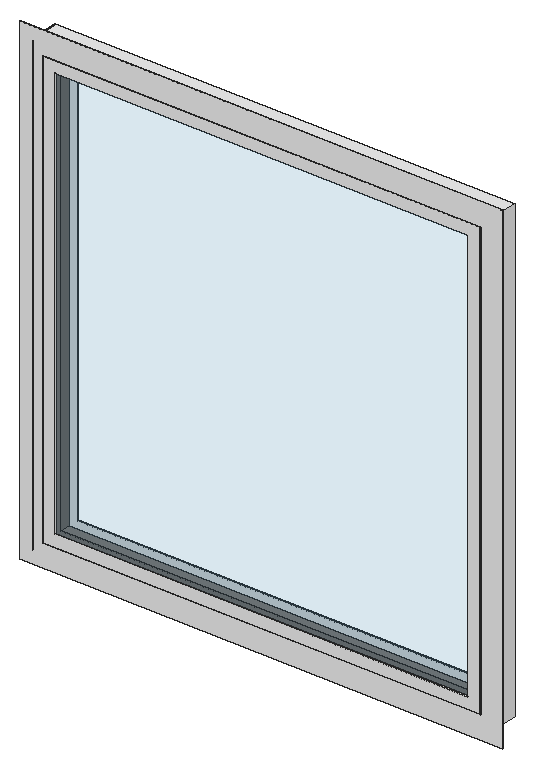
Revit family "Casement_38_D_Side_Hung_Custom", category Windows, host Wall, Revit 2014
Parameters (values of type "Casement_Sash_DG")
  Width Sash [instance] = 30 mm
  Width Sash Inner = 15 mm
  Width Bead = 15 mm
  Top Hung [instance] = yes
  Side Hung Right [instance] = yes
  Side Hung Left [instance] = yes
  Sash Opening Width [instance] = 600 mm
  Sash Opening Height [instance] = 600.312 mm
  Sash Lip = 15 mm
  Glazing Material [instance] = Glass
  DG Start Piece 2 [instance] = DG End Piece 1 + DG Gasket Thickness  # 25 mm
  DG Start Peice 1 [instance] = (Depth Sash - (2 * DG Glazing Thickness) - DG Gasket Thickness) / 2  # 6.6 mm
  Glazing Offset = 5 mm
  DG Glazing Thickness [instance] = 6.4 mm
  DG Gasket Thickness = 12 mm  # constant formula
  DG Gasket Material [instance] = Double Glazing Gasket Material
  DG End Piece 2 [instance] = DG Start Piece 2 + DG Glazing Thickness  # 31.4 mm
  DG End Piece 1 [instance] = DG Start Peice 1 + DG Glazing Thickness  # 13 mm
  Depth Sash [instance] = 38 mm
  Center Vertical Sash [instance] = Sash Opening Height / 2  # 300.156 mm
  Center Horizontal Sash [instance] = Sash Opening Width / 2  # 300 mm
  Bottom Hung [instance] = yes
  Bead Offset = 15 mm
  Aluminium Thickness = 1 mm
  Aluminium Material [instance] = White Powder Coated Aluminium
Reference planes
  plane 1 "Center (Front/Back)": y = 0
  plane 2: z = 0
  plane 3 "Center (Left/Right)": x = 0
Forms (mm)
  Sweep 1, solid, material "White Powder Coated Aluminium" <- "Aluminium Material"
    path origin (16.177, 0, 121.331) x (1, 0, 0) y (0, 0, 1)
      loop
        line (0, 0) -> (600, 0) -> (600, 600.312) -> (0, 600.312) -> (0, 0)
    profile origin (316.177, 0, 121.331) x (0, 0, 1) y (0, -1, 0)
      loop
        line (0, 0) -> (30, 0) -> (30, 1) -> (15, 1) -> (15, 38) -> (-15, 38) -> (-15, 37) -> (0, 37) -> (0, 0)
      loop
        line (14, 1) -> (14, 37) -> (1, 37) -> (1, 1) -> (14, 1)
  Sweep 2, solid, material "White Powder Coated Aluminium" <- "Aluminium Material"
    path origin (0, 0, 0) x (1, 0, 0) y (0, 0, 1)
      loop
        line (31.177, 706.643) -> (31.177, 136.331) -> (601.177, 136.331) -> (601.177, 706.643) -> (31.177, 706.643)
    profile origin (316.177, 0, 706.643) x (0, 0, 1) y (0, -1, 0)
      loop
        line (0, 37) -> (0, 38) -> (-15, 38) -> (-15, 37) -> (0, 37)
  Extrusion 3, solid, material "Glass" <- "Glazing Material"
    sketch origin (0, 0, 0) x (1, 0, 0) y (0, 0, 1)
      loop
        line (36.177, 701.643) -> (36.177, 141.331) -> (596.177, 141.331) -> (596.177, 701.643) -> (36.177, 701.643)
    from 6.6 <- "DG Start Peice 1" to 13 <- "DG End Piece 1"
  Extrusion 4, solid, material "Glass" <- "Glazing Material"
    sketch origin (0, 0, 0) x (1, 0, 0) y (0, 0, 1)
      loop
        line (36.177, 701.643) -> (36.177, 141.331) -> (596.177, 141.331) -> (596.177, 701.643) -> (36.177, 701.643)
    from 31.4 <- "DG End Piece 2" to 25 <- "DG Start Piece 2"
  Sweep 5, solid, material "Double Glazing Gasket Material" <- "DG Gasket Material"
    path origin (0, -13, 0) x (1, 0, 0) y (0, 0, 1)
      loop
        line (36.177, 701.643) -> (36.177, 141.331) -> (596.177, 141.331) -> (596.177, 701.643) -> (36.177, 701.643)
    profile origin (316.177, -13, 701.643) x (0, 0, 1) y (0, -1, 0)
      loop
        line (0, 0) -> (0, 12) -> (-7.96, 12) -> (-7.96, 0) -> (0, 0)
Lines and regions (mm)
  model lines
    curve 1: line (1.177, -38, 736.643) -> (31.177, -38, 706.643)
    curve 2: line (601.177, -38, 706.643) -> (631.177, -38, 736.643)
    curve 3: line (601.177, -38, 136.331) -> (631.177, -38, 106.331)
    curve 4: line (1.177, -38, 106.331) -> (31.177, -38, 136.331)
    curve 5: line (631.177, -37, 736.643) -> (616.177, -37, 721.643)
    curve 6: line (1.177, -37, 736.643) -> (16.177, -37, 721.643)
    curve 7: line (1.177, -37, 106.331) -> (16.177, -37, 121.331)
    curve 8: line (631.177, -37, 106.331) -> (616.177, -37, 121.331)
    curve 9: line (616.177, 0, 121.331) -> (586.177, 0, 151.331)
    curve 10: line (46.177, 0, 151.331) -> (16.177, 0, 121.331)
    curve 11: line (616.177, 0, 721.643) -> (586.177, 0, 691.643)
    curve 12: line (46.177, 0, 691.643) -> (16.177, 0, 721.643)
    curve 13: line (31.177, -38, 691.643) -> (46.177, -38, 691.643)
    curve 14: line (586.177, -38, 691.643) -> (601.177, -38, 691.643)
    curve 15: line (586.177, -38, 151.331) -> (601.177, -38, 151.331)
    curve 16: line (31.177, -38, 151.331) -> (46.177, -38, 151.331)
  model lines, style "GenericModelHiddenLines", visible <- "Top Hung"
    curve 17: line (46.386, -31.4, 690.914) -> (316.177, -31.4, 151.331)
    curve 18: line (316.177, -31.4, 151.331) -> (586.177, -31.4, 691.331)
  model lines, style "GenericModelHiddenLines", visible <- "Bottom Hung"
    curve 19: line (46.177, -31.4, 151.331) -> (316.177, -31.4, 691.331)
    curve 20: line (316.177, -31.4, 691.331) -> (586.177, -31.4, 151.331)
  model lines, style "GenericModelHiddenLines", visible <- "Side Hung Left"
    curve 21: line (46.386, -31.4, 690.914) -> (585.24, -31.4, 421.487)
    curve 22: line (585.24, -31.4, 421.487) -> (46.177, -31.4, 151.331)
  model lines, style "GenericModelHiddenLines", visible <- "Side Hung Right"
    curve 23: line (586.177, -31.4, 691.331) -> (46.177, -31.4, 421.487)
    curve 24: line (46.177, -31.4, 421.487) -> (586.177, -31.4, 151.331)
Dimensions and locks
  "Aluminium Thickness": Sweep 1 sketch curve to Sweep 1 sketch curve  (x4)
  "Depth Sash": Sweep 1 sketch curve to Sweep 1 sketch curve
  "Sash Opening Width": Sweep 1 to Sweep 1
  "Sash Opening Height": Sweep 1 to Sweep 1
  "Width Sash": Sweep 1 sketch curve to Sweep 1 sketch curve  (x2)
  "Width Sash Inner": Sweep 1 sketch curve to Sweep 1 sketch curve
  "Sash Lip": Sweep 1 sketch curve to Sweep 1 sketch curve
  "Aluminium Thickness": Sweep 1 to Sweep 2 sketch curve
  "Glazing Offset": Sweep 2 to Extrusion 3 sketch curve  (x3)
  "Glazing Offset": Extrusion 3 sketch curve to Sweep 2
  Sweep 1 to Sweep 1 = 1 mm
  "Aluminium Thickness": Sweep 2 sketch curve to Sweep 2 sketch curve
  "Width Bead": Sweep 2 sketch curve to Sweep 2 sketch curve
  locked: Sweep 5 sketch curve to Sweep 5 sketch curve at 7.96
  "Center Horizontal Sash": Sweep 1 to curve 18
  "Center Horizontal Sash": Sweep 1 to curve 20
  "Center Vertical Sash": Sweep 1 to curve 22
  "Center Vertical Sash": Sweep 1 to curve 24
  aligned and locked: level to plane 2
  aligned and locked: Sweep 1 sketch curve to Sweep 1 sketch curve  (x2)
  aligned and locked: Sweep 2 sketch curve to Sweep 1  (x5)
  aligned and locked: Extrusion 4 sketch curve to Extrusion 3  (x4)
  aligned and locked: Sweep 5 sketch curve to Extrusion 3  (x5)
  aligned and locked: Extrusion 3 to Sweep 5 sketch curve
Automatic sketch dimensions
  plane 3 "Center (Left/Right)" to Sweep 1 sketch curve = 16.177 mm
  level to Sweep 1 sketch curve = 121.331 mm
  plane 3 "Center (Left/Right)" to Sweep 1 sketch curve = 616.177 mm
  level to Sweep 1 sketch curve = 721.643 mm
  profile plane to Sweep 5 sketch curve = 12 mm
  curve 7 to Sweep 1 = 0 mm  (x4)
  curve 6 to Sweep 1 = 0 mm  (x3)
  Sweep 1 to curve 6 = 0 mm
  curve 5 to Sweep 1 = 0 mm  (x3)
  curve 8 to Sweep 1 = 0 mm  (x4)
  Sweep 1 to curve 5 = 0 mm
  curve 16 to Sweep 2 = 0 mm  (x3)
  curve 13 to Sweep 2 = 0 mm  (x3)
  curve 15 to Sweep 2 = 0 mm
  Sweep 2 to curve 15 = 0 mm  (x2)
  curve 14 to Sweep 2 = 0 mm  (x2)
  Sweep 2 to curve 14 = 0 mm
  curve 1 to Sweep 1 = 0 mm  (x4)
  curve 4 to Sweep 1 = 0 mm  (x3)
  Sweep 1 to curve 4 = 0 mm
  curve 3 to Sweep 1 = 0 mm  (x3)
  curve 2 to Sweep 1 = 0 mm  (x4)
  Sweep 1 to curve 3 = 0 mm
  curve 10 to Sweep 1 = 0 mm  (x4)
  curve 12 to Sweep 1 = 0 mm  (x3)
  Sweep 1 to curve 12 = 0 mm
  curve 9 to Sweep 1 = 0 mm  (x4)
  curve 11 to Sweep 1 = 0 mm  (x3)
  Sweep 1 to curve 11 = 0 mm
  Sweep 1 sketch curve to plane 1 "Center (Front/Back)" = 0 mm
  profile plane to Sweep 1 sketch curve = 0 mm
  curve 21 to Extrusion 4 = 10.208 mm
  curve 19 to Extrusion 4 = 10 mm
  curve 23 to Extrusion 4 = 10 mm  (x2)
  curve 22 to Extrusion 4 = 10.937 mm
  curve 20 to Extrusion 4 = 10 mm
  curve 24 to Extrusion 4 = 10 mm
  curve 22 to Extrusion 4 = 10 mm
  curve 18 to Extrusion 4 = 10 mm
  curve 21 to Extrusion 4 = 10.729 mm
  curve 19 to Extrusion 4 = 10.312 mm
  curve 18 to Extrusion 4 = 10.312 mm
